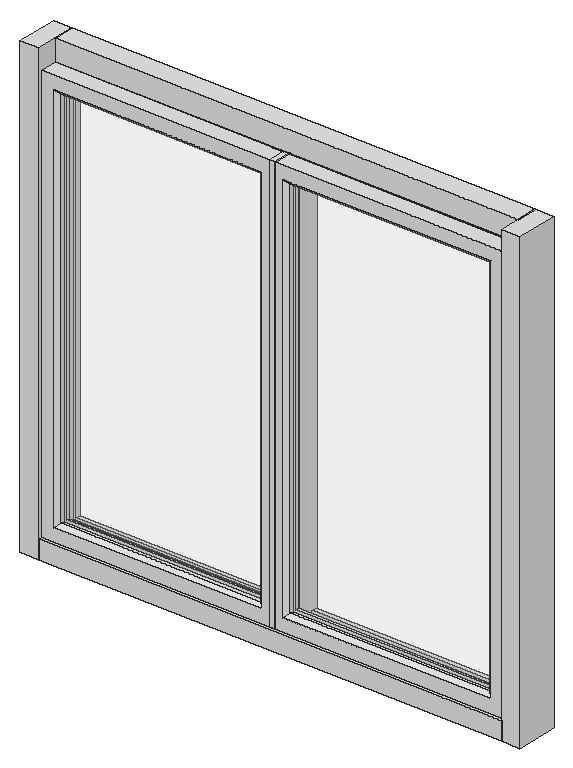
Revit family "Window_Sliding_Flush_Ready-Access_275LP", category Windows, host Wall, Revit 2026
Family settings
  Host = Wall
  Classification Number = 23.30.20.24.14
  Always vertical = Yes
  Cut with Voids When Loaded = No
  Shared = No
  Room Calculation Point = No
Parameters (values of type "MOER 19x39 Serving Area")
  XO [instance] = yes
  Water Penetration = "as Specified"
  Warranty Duration (Years) = 0
  VLT [instance] = 0
  URL = "http://www.ready-access.com/"
  U-Factor [instance] = 0
  Test Data = ""
  Standards Conformance = "as Specified"
  SpecWizard = ""
  Service Opening Width = 1' - 7"
  Service Opening Height = 3' - 3"
  RO Spacing_Top [instance] = 0' - 0 1/4"
  RO Spacing_Sides [instance] = 0' - 0 1/4"
  RO Spacing_Bottom [instance] = 0' - 0 1/4"
  Offset from Exterior Wall [instance] = 1' - 0"
  OX [instance] = yes
  Miami Dade Conformance = "as Specified"
  Meets Egress = "as Specified"
  Installation-Fabrication = ""
  Structural Test Pressure = "as Specified"
  Specification = "http://www.arcat.com/sdspecs/htm04/08_56_19rea.htm"
  Sound Transmission Class (STC) = 0
  Send Message = "http://www.arcat.com/users.pl?action=UserEmail&amp;company=Ready+Access+Pass+Thru+Windows&amp;coid=35105&amp;rep=111&amp;fax=630-876-7767&amp;mf=04"
  Sales Information = "http://www.ready-access.com/aboutus.html"
  SHGC [instance] = 0
  Rough Width [instance] = Width + (RO Spacing_Sides * 2)  # 4' - 0"
  Rough Height [instance] = Height + (RO Spacing_Top + RO Spacing_Bottom)  # 3' - 8"
  Product Properties = ""
  Product Data = "http://www.arcat.com/arcatcos/cos35/arc35105.html"
  Model = "275LPMOER"
  Manufacturer Website = "http://www.ready-access.com/"
  Manufacturer Phone - Toll Free = "800-621-5045"
  Manufacturer Phone = "630-876-7766"
  Manufacturer Fax = "630-876-7767"
  Manufacturer Address = "1815 Arthur Dr.   West Chicago, IL 60185"
  Manufacturer = "Ready Access"
  Maintenance Schedule (Months) = 0
  Keynote = "08582"
  Installation Phase = ""
  Inset from Exterior Wall [instance] = 0' - 6"
  Height = 3' - 7 1/2"
  Green Building-LEED = ""
  Glazing Type [instance] = "[Tempered][Burglary Resistant]"
  Glazing Tint [instance] = Glass - ReadyAccess - Clear
  Glazing Configuration [instance] = "as Specified"
  Frame Thickness = 0' - 4"  # constant formula
  Frame Finish [instance] = Powdercoat - Ready Access - Clear Anodized
  Forced Entry Rating = "as Specified"
  Fixed Window Width = 1' - 11 1/4"
  Expected Lifespan (Years) = 0
  Electrical_Voltage = 0 V
  Electrical_Frequency = 0 Hz
  Electrical_Amperage = 0 A
  Drawn By = "Sumex Design, Inc. / Robert S. Weygant, CSI, CDT, SCIP"
  Description = "Ready Access MOER Sliding Service Window - 275LPMOER as Specified"
  Wall Closure = By host
  Width = 3' - 11 1/2"
  Copyright = "©Arcat Inc."
  Construction Details = "http://www.arcat.com/details/readyacc/prod1868.html"
  Assembly Code = "B2020100"
  Air Infiltration = "as Specified"
Types (6): name | Service Opening Width | Service Opening Height | Rough Width | Rough Height | Model | Height | Fixed Window Width | Description | Width
  MOER 19x39 Serving Area | 1' - 7" | 3' - 3" | 4' - 0" | 3' - 8" | "275LPMOER" | 3' - 7 1/2" | 1' - 11 1/4" | "Ready Access MOER Sliding Service Window - 275LPMOER as Specified" | 3' - 11 1/2"
  MOER 19x32 Serving Area | 1' - 7" | 2' - 8" | 4' - 0" | 3' - 0 1/4" | "275LPMOER" | 2' - 11 3/4" | 1' - 11 1/4" | "Ready Access MOER Sliding Service Window - 275LPMOER as Specified" | 3' - 11 1/2"
  MOER 14x32 Serving Area | 1' - 2" | 2' - 8" | 3' - 0 1/4" | 3' - 0 1/4" | "275LPMOER" | 2' - 11 3/4" | 1' - 5" | "Ready Access MOER Sliding Service Window - 275LPMOER as Specified" | 2' - 11 3/4"
  Manual Self Closing 19x39 Serving Area | 1' - 7" | 3' - 3" | 4' - 0" | 3' - 8" | "275LPSC" | 3' - 7 1/2" | 1' - 11 1/4" | "Ready Access Manual Self Closing Sliding Service Window - 275LPSC as Specified" | 3' - 11 1/2"
  Manual Self Closing 19x32 Serving Area | 1' - 7" | 2' - 8" | 4' - 0" | 3' - 0 1/4" | "275LPSC" | 2' - 11 3/4" | 1' - 11 1/4" | "Ready Access Manual Self Closing Sliding Service Window - 275LPSC as Specified" | 3' - 11 1/2"
  Manual Self Closing 14x32 Serving Area | 1' - 2" | 2' - 8" | 3' - 0 1/4" | 3' - 0 1/4" | "275LPSC" | 2' - 11 3/4" | 1' - 5" | "Ready Access Manual Self Closing Sliding Service Window - 275LPSC as Specified" | 2' - 11 3/4"
Reference planes (in)
  plane 1 "Center (Front/Back)": y = 0.6426
  plane 2: z = 0
  plane 3 "Center (Left/Right)": x = 0.75
  plane 4 "Left": x = -23.25
  plane 5 "Right": x = 24.75
  plane 6 "RO BOTTOM": z = 23.875
  plane 7 "Top of Frame": z = 67.625
  plane 8 "Center - Elevation": z = 45.75
  plane 9 "Frame L": x = 24.5
  plane 10 "Frame R": x = -23
  plane 11: z = 24.125
  plane 12 "EXT WALL": y = 3.6426
  plane 13 "RO TOP": z = 67.875
  plane 14 "INT WALL": y = -2.3574
  plane 15: y = 15.6426
  plane 16: y = 9.6426
Lines and regions (in)
  Opening 1
    outline origin (-60, -2.3574, 0) x (1, 0, 0) y (0, 0, 1)
      loop
        line (36.75, 67.875) -> (36.75, 23.875) -> (84.75, 23.875) -> (84.75, 67.875) -> (36.75, 67.875)
Text (in)
  text "EXTERIOR" at (-9.91918, 45.39257, 0), in view "Plan View"
  text "INTERIOR" at (-9.91918, -57.25054, 0), in view "Plan View"
  text "Exterior" at (0, 43.65631, 123.19604), in view "Left"
  text "Exterior" at (0, 18.29385, 125.04747), in view "Right"
Dimensions and locks (in)
  equal spacing: plane 4 "Left", plane 3 "Center (Left/Right)", plane 5 "Right"
  "Width": plane 10 "Frame R" to plane 9 "Frame L"
  equal spacing: plane 7 "Top of Frame", plane 8 "Center - Elevation", plane 6 "RO BOTTOM"
  "RO Spacing_Sides": plane 5 "Right" to plane 9 "Frame L"
  "RO Spacing_Sides": plane 4 "Left" to plane 10 "Frame R"
  "RO Spacing_Top": plane 7 "Top of Frame" to plane 13 "RO TOP"
  "RO Spacing_Bottom": plane 6 "RO BOTTOM" to plane 11
  "Height": plane 11 to plane 7 "Top of Frame"
  "Offset from Exterior Wall": plane 12 "EXT WALL" to plane 15
  "Inset from Exterior Wall": plane 15 to plane 16
  aligned and locked: plane 6 "RO BOTTOM" to Opening 1 sketch curve  (x2)
  aligned and locked: plane 5 "Right" to Opening 1 sketch curve
  aligned and locked: plane 4 "Left" to Opening 1 sketch curve
  aligned and locked: level to plane 2
  aligned and locked: plane 1 "Center (Front/Back)" to host wall
  aligned and locked: plane 12 "EXT WALL" to host wall
  aligned and locked: Opening 1 sketch curve to plane 13 "RO TOP"
  aligned and locked: plane 14 "INT WALL" to host wall
  aligned and locked: nested 1 to plane 11
  aligned and locked: plane 11 to nested 2
  aligned and locked: plane 16 to nested 1
  aligned and locked: nested 2 to plane 16
Nested families (in)
  nested 1: "Frame_275LP" at (0.75, 7.6426, 24.125), visible <- "XO", glass tint <- "Glazing Tint", frame finish <- "Frame Finish", Width <- "Width", Height <- "Height", Fixed Window Width <- "Fixed Window Width", type "Frame_275LP"
    with glass tint Glass - ReadyAccess - Clear, frame finish Powdercoat - Ready Access - Clear Anodized, Width 3' - 11 1/2", Height 3' - 7 1/2", Fixed Window Width 1' - 11 1/4"
  nested 2: "Frame_275LP" at (0.75, 7.6426, 24.125) x (-1, 0, 0) z (0, 0, 1), visible <- "OX", glass tint <- "Glazing Tint", frame finish <- "Frame Finish", Width <- "Width", Height <- "Height", Fixed Window Width <- "Fixed Window Width", type "Frame_275LP"
    with glass tint Glass - ReadyAccess - Clear, frame finish Powdercoat - Ready Access - Clear Anodized, Width 3' - 11 1/2", Height 3' - 7 1/2", Fixed Window Width 1' - 11 1/4"
Definition of nested family "Frame_275LP"
  Parameters
    glass tint [instance] = none
    frame finish [instance] = none
    Width [instance] = 3' - 11 1/2"
    Height [instance] = 3' - 0"
    Fixed Window Width [instance] = 1' - 11 1/4"
    Default Elevation = 4' - 0"
    Assembly Code = ""
  Reference planes (in)
    plane 1 "Center (Front/Back)": y = 0
    plane 2: z = 0
    plane 3 "Center (Left/Right)": x = 0
    plane 4: x = -23.75
    plane 5: x = 23.75
    plane 6: z = 36
    plane 7: x = 1.25
    plane 8: z = 34
    plane 9: x = -22
    plane 10: x = 22
    plane 11: z = 33.875
    plane 12: z = 1.75
    plane 13: z = 32.75
    plane 14: z = 3
  Forms (in)
    Extrusion 1, solid, material <- "frame finish"
      sketch origin (0, 0, 0) x (1, 0, 0) y (0, 1, 0)
        loop
          line (-23.75, -2) -> (-22, -2) -> (-22, 2) -> (-23.75, 2) -> (-23.75, -2)
        loop
          line (23.75, -2) -> (23.75, 2) -> (22, 2) -> (22, -2) -> (23.75, -2)
      from 0 to 36
    Extrusion 2, solid, material <- "frame finish"
      sketch origin (0, 0, 0) x (1, 0, 0) y (0, 1, 0)
        loop
          line (0.25, 2) -> (0.25, 1.8125) -> (-0.5, 1.8125) -> (-0.5, 1.3125) -> (0.25, 1.3125) -> (0.25, 0.9375) -> (-0.5, 0.9375) -> (-0.5, 0.4375) -> (0.25, 0.4375) -> (0.25, -0.0625) -> (1.25, -0.0625) -> (1.25, 2) -> (0.25, 2)
      from 1.4375 to 34
    Extrusion 3, solid, material <- "frame finish"
      sketch origin (0, 0, 0) x (1, 0, 0) y (0, 1, 0)
        loop
          line (-22, 1.8125) -> (-22, 0.4375) -> (-21.125, 0.4375) -> (-21.125, 0.9375) -> (-21.875, 0.9375) -> (-21.875, 1.3125) -> (-21.125, 1.3125) -> (-21.125, 1.8125) -> (-22, 1.8125)
      from 1.4375 to 34
    Sweep 4, solid, material <- "frame finish"
      path origin (0, 0, 0) x (1, 0, 0) y (0, 0, 1)
        loop
          line (-0.25, 1.75) -> (22, 1.75) -> (22, 34) -> (-0.25, 34) -> (-0.25, 1.75)
      profile origin (10.875, 0, 1.75) x (0, 0, 1) y (0, -1, 0)
        loop
          line (0, 1.6875) -> (0, 0.0625) -> (1.25, 0.0625) -> (1.625, 0.4375) -> (1.625, 0.6875) -> (1.25, 0.6875) -> (1.25, 1.0625) -> (1.625, 1.0625) -> (1.625, 1.3125) -> (1.25, 1.6875) -> (0, 1.6875)
    Extrusion 5, solid, material <- "frame finish"
      sketch origin (-23.75, 13.45358, 48) x (0, 1, 0) y (0, 0, 1)
        loop
          line (-11.64108, -14) -> (-13.01608, -14) -> (-13.01608, -14.875) -> (-12.51608, -14.875) -> (-12.51608, -14.125) -> (-12.14108, -14.125) -> (-12.14108, -14.875) -> (-11.64108, -14.875) -> (-11.64108, -14)
      from 1.75 to 25
    Extrusion 6, solid, material <- "frame finish"
      sketch origin (0, 0, 0) x (0, 1, 0) y (0, 0, 1)
        loop
          line (-2, 0) -> (2, 0) -> (2, 1.4375) -> (-0.54511, 1.75) -> (-2, 1.75) -> (-2, 0)
      from -22 to 22
    Extrusion 7, solid, material <- "frame finish"
      sketch origin (22, 0, 24) x (0, -1, 0) y (0, 0, 1)
        loop
          line (-0.4375, -22.37065) -> (-0.4375, -21.48908) -> (-0.9375, -21.55047) -> (-0.9375, -22.3061) -> (-1.3125, -22.35215) -> (-1.3125, -21.59651) -> (-1.8125, -21.65791) -> (-1.8125, -22.53948) -> (-0.4375, -22.37065)
      from 20.75 to 44
    Extrusion 8, solid, material <- "frame finish"
      sketch origin (0, 0, 0) x (1, 0, 0) y (0, 1, 0)
        loop
          line (-0.25, 0.4375) -> (-0.25, -0.0625) -> (0.25, -0.0625) -> (0.25, 0.4375) -> (-0.25, 0.4375)
      from 1.75 to 34
    Extrusion 9, solid, material <- "frame finish"
      sketch origin (0, 0, 0) x (0, 1, 0) y (0, 0, 1)
        loop
          line (2, 34) -> (2, 36) -> (0, 36) -> (0, 34) -> (2, 34)
      from -22 to 22
    Extrusion 10, solid, material <- "glass tint"
      sketch origin (0, 0, 0) x (1, 0, 0) y (0, 1, 0)
        loop
          line (-21.875, 1.3125) -> (-21.875, 0.9375) -> (0.25, 0.9375) -> (0.25, 1.3125) -> (-21.875, 1.3125)
      from 1.75 to 33.875
    Extrusion 11, solid, material <- "glass tint"
      sketch origin (0, 0, 0) x (1, 0, 0) y (0, 1, 0)
        loop
          line (1, -0.6875) -> (1, -1.0625) -> (20.75, -1.0625) -> (20.75, -0.6875) -> (1, -0.6875)
      from 3 to 32.75
    Extrusion 12, solid, material <- "frame finish"
      sketch origin (0, 0, 0) x (1, 0, 0) y (0, 0, 1)
        loop
          line (22, 1.75) -> (22, 34) -> (-22, 34) -> (-22, 33) -> (21, 33) -> (21, 1.75) -> (22, 1.75)
      from 0 to -0.875
  Cuts and joins
    joined: Extrusion 2, Extrusion 3, Extrusion 5, Extrusion 7
    joined: Sweep 4, Extrusion 8
  Dimensions and locks (in)
    equal spacing: plane 4, plane 3 "Center (Left/Right)", plane 5
    "Width": plane 4 to plane 5
    "Height": plane 6 to level
    locked: plane 4 to Extrusion 1 sketch curve at 1.75
    locked: Extrusion 1 sketch curve to plane 5 at 1.75
    "Fixed Window Width": plane 9 to plane 7
    Extrusion 2 sketch curve to Extrusion 2 sketch curve to plane 7 = 0' - 0 3/4" locked, 0' - 1" locked  (x2)
    locked: Extrusion 2 sketch curve to plane 7 at 1
    plane 4 to Extrusion 3 sketch curve to Extrusion 3 sketch curve = 0' - 1 3/4" locked, 0' - 0 7/8" locked
    plane 4 to Extrusion 3 sketch curve to Extrusion 3 sketch curve = 0' - 1 7/8" locked, 0' - 0 3/4" locked
    locked: plane 7 to Sweep 4 sketch curve at 1.5
    locked: Sweep 4 sketch curve to level at 1.75
    locked: plane 6 to plane 8 at 2
    Extrusion 5 sketch curve to Extrusion 5 sketch curve to plane 8 = 0' - 0 3/4" locked, 0' - 0 1/8" locked
    Extrusion 5 sketch curve to plane 8 to Extrusion 5 sketch curve = 0' - 0 7/8" locked, 0' - 0" locked
    locked: plane 4 to plane 9 at 1.75
    locked: plane 10 to plane 5 at 1.75
    Extrusion 8 sketch curve to Extrusion 8 sketch curve to plane 7 = 0' - 0 1/2" locked, 0' - 1" locked
    locked: Extrusion 10 sketch curve to plane 7 at 1
    locked: plane 9 to Extrusion 10 sketch curve at 0.125
    locked: plane 11 to plane 8 at 0.125
    locked: plane 12 to level at 1.75
    locked: plane 13 to plane 8 at 1.25
    locked: plane 14 to level at 3
    locked: Extrusion 11 sketch curve to plane 7 at 0.25
    locked: Extrusion 11 sketch curve to plane 10 at 1.25
    aligned and locked: plane 2 to level
    aligned and locked: plane 4 to Extrusion 1 sketch curve
    aligned and locked: plane 5 to Extrusion 1 sketch curve
    aligned and locked: Extrusion 2 to plane 8
    aligned and locked: Extrusion 3 to plane 8
    aligned and locked: plane 6 to Extrusion 1
    aligned and locked: plane 7 to Extrusion 5
    aligned: plane 5 to Extrusion 6
    aligned: Extrusion 6 to plane 4
    aligned and locked: plane 9 to Extrusion 6
    aligned and locked: Extrusion 6 to plane 10
    aligned and locked: plane 9 to Extrusion 7
    aligned and locked: plane 7 to Extrusion 7
    aligned and locked: Extrusion 8 to plane 8
    aligned and locked: Extrusion 9 to plane 10
    aligned and locked: plane 9 to Extrusion 9
    aligned and locked: plane 12 to Extrusion 10
    aligned and locked: plane 14 to Extrusion 11
    aligned and locked: Extrusion 11 to plane 13
    aligned and locked: plane 11 to Extrusion 10
    aligned and locked: Sweep 4 sketch curve to plane 10
    aligned and locked: plane 9 to Extrusion 12 sketch curve
    aligned and locked: plane 8 to Extrusion 12 sketch curve
    aligned and locked: plane 10 to Extrusion 12 sketch curve
    aligned and locked: Sweep 4 sketch curve to plane 8
  Automatic sketch dimensions
    plane 1 "Center (Front/Back)" to Extrusion 1 sketch curve = 0' - 2"  (x2)
    Extrusion 1 sketch curve to plane 1 "Center (Front/Back)" = 0' - 2"  (x2)
    Extrusion 2 sketch curve to plane 7 = 0' - 0"
    plane 1 "Center (Front/Back)" to Extrusion 2 sketch curve = 0' - 0 1/16"
    Extrusion 2 sketch curve to plane 1 "Center (Front/Back)" = 0' - 0 7/16"
    Extrusion 2 sketch curve to Extrusion 2 sketch curve = 0' - 0 1/2"  (x2)
    Extrusion 2 sketch curve to Extrusion 2 sketch curve = 0' - 0 3/8"
    Extrusion 2 sketch curve to Extrusion 2 sketch curve = 0' - 0 3/16"
    Extrusion 3 sketch curve to plane 1 "Center (Front/Back)" = 0' - 0 7/16"
    Extrusion 3 sketch curve to Extrusion 3 sketch curve = 0' - 0 1/2"  (x2)
    Extrusion 3 sketch curve to Extrusion 3 sketch curve = 0' - 0 3/8"
    profile plane to Sweep 4 sketch curve = 0' - 0"
    Sweep 4 sketch curve to Sweep 4 sketch curve = 0' - 1 1/4"  (x2)
    plane 1 "Center (Front/Back)" to Sweep 4 sketch curve = 0' - 0 1/16"
    Sweep 4 sketch curve to Sweep 4 sketch curve = 0' - 0"  (x2)
    Sweep 4 sketch curve to Sweep 4 sketch curve = 0' - 0 3/8"  (x2)
    plane 1 "Center (Front/Back)" to Sweep 4 sketch curve = 0' - 0 7/16"
    Sweep 4 sketch curve to Sweep 4 sketch curve = 0' - 0 1/4"  (x2)
    Sweep 4 sketch curve to Sweep 4 sketch curve = 0' - 0 5/8"
    Extrusion 5 sketch curve to plane 1 "Center (Front/Back)" = 0' - 0 7/16"
    Extrusion 5 sketch curve to Extrusion 5 sketch curve = 0' - 0 1/2"  (x2)
    Extrusion 5 sketch curve to Extrusion 5 sketch curve = 0' - 0 3/8"
    Extrusion 6 sketch curve to level = 0' - 0"
    plane 1 "Center (Front/Back)" to Extrusion 6 sketch curve = 0' - 2"
    plane 1 "Center (Front/Back)" to Extrusion 6 sketch curve = 0' - 0.54511"
    Extrusion 6 sketch curve to plane 1 "Center (Front/Back)" = 0' - 2"
    level to Extrusion 6 sketch curve = 0' - 1 7/16"
    level to Extrusion 6 sketch curve = 0' - 1 3/4"
    Extrusion 7 sketch curve to plane 1 "Center (Front/Back)" = 0' - 1 13/16"
    Extrusion 7 sketch curve to Extrusion 7 sketch curve = 0' - 0 1/2"
    Extrusion 7 sketch curve to Extrusion 7 sketch curve = 0' - 0 3/8"
    Extrusion 7 sketch curve to plane 1 "Center (Front/Back)" = 0' - 0 7/16"
    level to Extrusion 7 sketch curve = 0' - 1.46052"
    Extrusion 7 sketch curve to Extrusion 7 sketch curve = 0' - 0.16883"
    Extrusion 7 sketch curve to Extrusion 7 sketch curve = 0' - 0.18733"
    Extrusion 7 sketch curve to Extrusion 7 sketch curve = 0' - 0.04604"  (x2)
    Extrusion 7 sketch curve to Extrusion 7 sketch curve = 0' - 0.69424"
    Extrusion 7 sketch curve to Extrusion 7 sketch curve = 0' - 0.06139"  (x2)
    Extrusion 10 sketch curve to plane 1 "Center (Front/Back)" = 0' - 0 15/16"
    Extrusion 10 sketch curve to Extrusion 10 sketch curve = 0' - 0 3/8"
    plane 1 "Center (Front/Back)" to Extrusion 8 sketch curve = 0' - 0 1/16"
    Extrusion 8 sketch curve to plane 1 "Center (Front/Back)" = 0' - 0 7/16"
    plane 1 "Center (Front/Back)" to Extrusion 11 sketch curve = 0' - 1 1/16"
    Extrusion 11 sketch curve to Extrusion 11 sketch curve = 0' - 0 3/8"
    Extrusion 12 sketch curve to plane 12 = 0' - 0"
    plane 10 to Extrusion 12 sketch curve = 0' - 1"
    Extrusion 12 sketch curve to plane 13 = 0' - 0 1/4"
    Extrusion 9 sketch curve to plane 1 "Center (Front/Back)" = 0' - 0"
    Extrusion 9 sketch curve to plane 6 = 0' - 0"
    plane 8 to Extrusion 9 sketch curve = 0' - 0"
    Extrusion 9 sketch curve to Extrusion 9 sketch curve = 0' - 2"
